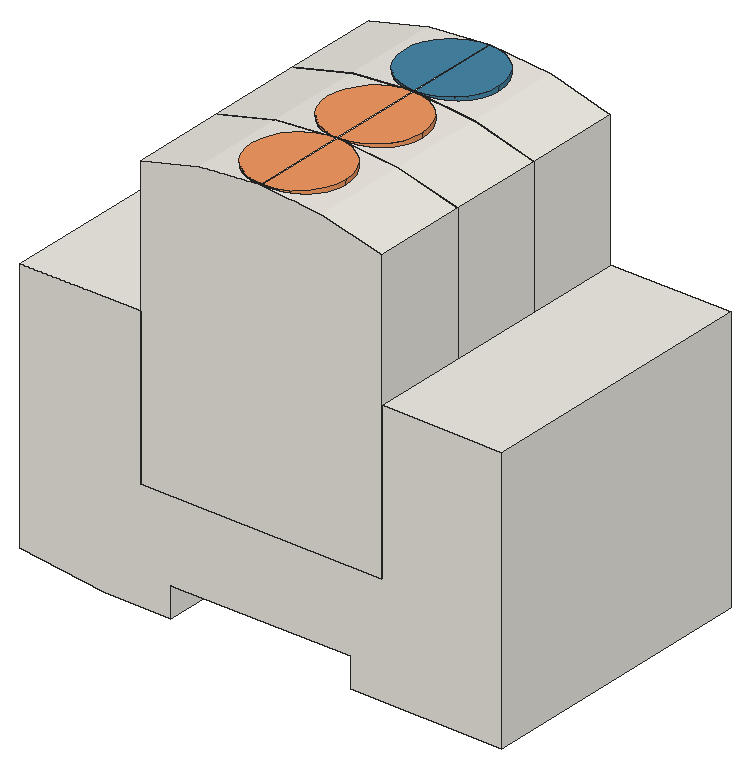
Revit family "Kombiableiter V50, 2-polig+NPE", category Generic Models, Revit 2015
Parameters (values of type "V50-2+NPE-280")
  Width = 90 mm
  URL = "http://www.obo-bettermann.com"
  Material 3 = PA 66/6 FR HF RAL 5017
  Material 2 = PA 66/6 FR HF RAL 2003
  Material = PA 66/6 FR HF RAL 9010
  Manufacturer Art.No. = "5093524"
  Manufacturer = "OBO Bettermann"
  Length = 53.4 mm
  Height = 78.5 mm
  GTIN = "4012196159680"
  Article Type = "V50-2+NPE-280"
Reference planes
  plane 1 "Center (Front/Back)": y = 0
  plane 2: z = 0
  plane 3 "Center (Left/Right)": x = 0
  plane 4: y = 17.8
  plane 5: z = 78.5
  plane 6: z = 78.5
  plane 7: z = 77.5
  plane 8: y = 35.6
  plane 9: y = 53.4
Forms (mm)
  Extrusion 1, solid, material "PA 66/6 FR HF RAL 9010" <- "Material"
    sketch origin (0, 0, 0) x (1, 0, 0) y (0, 0, 1)
      loop
        line (-29.35, 0) -> (-16.75, 0) -> (-16.75, 5.5) -> (16.75, 5.5) -> (16.75, 0) -> (45, 0) -> (45, 49.5) -> (22.5, 49.5) -> (22.5, 20.5) -> (-22.5, 20.5) -> (-22.5, 49.5) -> (-45, 49.5) -> (-45, 1.922) -> (-29.35, 0)
    from -53.4 to 0
  Extrusion 2, solid, material "PA 66/6 FR HF RAL 9010" <- "Material"
    sketch origin (0, 0, 0) x (1, 0, 0) y (0, 0, 1)
      loop
        line (-22.5, 20.5) -> (22.5, 20.5) -> (22.5, 74.639)
        arc (22.5, 74.639) -> (0, 78.5) -> (-22.5, 74.639) r 67.488
        line (-22.5, 74.639) -> (-22.5, 20.5)
    from -17.8 to 0
  Extrusion 3, solid, material "PA 66/6 FR HF RAL 2003" <- "Material 2"
    sketch origin (0, 0, 0) x (1, 0, 0) y (0, 1, 0)
      loop
        circle (0, 8.9) r 8.75
    from 77.5 to 78.5
  Extrusion 4, solid, material "PA 66/6 FR HF RAL 9010" <- "Material"
    sketch origin (0, 0, 0) x (1, 0, 0) y (0, 0, 1)
      loop
        line (-22.5, 74.639) -> (-22.5, 20.5) -> (22.5, 20.5) -> (22.5, 74.639)
        arc (22.5, 74.639) -> (0, 78.5) -> (-22.5, 74.639) r 67.488
    from -35.6 to -17.8
  Extrusion 5, solid, material "PA 66/6 FR HF RAL 2003" <- "Material 2"
    sketch origin (0, 0, 0) x (1, 0, 0) y (0, 1, 0)
      loop
        circle (0, 26.7) r 8.8
    from 77.5 to 78.5
  Extrusion 6, solid, material "PA 66/6 FR HF RAL 9010" <- "Material"
    sketch origin (0, 0, 0) x (1, 0, 0) y (0, 0, 1)
      loop
        line (-22.5, 74.639) -> (-22.5, 20.5) -> (22.5, 20.5) -> (22.5, 74.639)
        arc (22.5, 74.639) -> (0, 78.5) -> (-22.5, 74.639) r 67.488
    from -53.4 to -35.6
  Extrusion 7, solid, material "PA 66/6 FR HF RAL 5017" <- "Material 3"
    sketch origin (0, 0, 0) x (1, 0, 0) y (0, 1, 0)
      loop
        circle (0, 44.5) r 8.8
    from 77.5 to 78.5
Dimensions and locks
  locked: Extrusion 1 sketch curve to Extrusion 1 sketch curve at 33.5
  locked: plane 3 "Center (Left/Right)" to Extrusion 1 sketch curve at 16.75
  locked: Extrusion 1 sketch curve to level at 5.5
  "Width": Extrusion 1 sketch curve to Extrusion 1 sketch curve
  equal spacing: Extrusion 1 sketch curve, plane 3 "Center (Left/Right)", Extrusion 1 sketch curve, locked at 45 each
  locked: Extrusion 1 sketch curve to Extrusion 1 sketch curve at 44
  locked: Extrusion 1 sketch curve to Extrusion 1 sketch curve at 45
  equal spacing: Extrusion 1 sketch curve, plane 3 "Center (Left/Right)", Extrusion 1 sketch curve, locked at 22.5 each
  locked: Extrusion 1 sketch curve to Extrusion 1 sketch curve at 29
  locked: Extrusion 1 sketch curve to Extrusion 1 sketch curve at 15.65
  locked: Extrusion 1 sketch curve to level at 1.922
  "Height": plane 5 to level
  locked: Extrusion 2 sketch curve to Extrusion 1 at 54.139
  locked: Extrusion 2 to Extrusion 3 sketch curve at 8.9
  "Height": plane 6 to level
  locked: plane 6 to plane 7 at 1
  locked: plane 4 to plane 1 "Center (Front/Back)" at 17.8
  Extrusion 4 to Extrusion 5 sketch curve = 8.9 mm
  locked: plane 8 to plane 4 at 17.8
  "Length": plane 9 to plane 1 "Center (Front/Back)"
  locked: Extrusion 6 to Extrusion 7 sketch curve at 8.9
  radius of Extrusion 2 sketch curve = 67.488 mm
  radius of Extrusion 3 sketch curve = 8.75 mm
  radius of Extrusion 5 sketch curve = 8.8 mm
  radius of Extrusion 7 sketch curve = 8.8 mm
  aligned and locked: level to plane 2
  aligned and locked: Extrusion 1 sketch curve to level  (x2)
  aligned and locked: Extrusion 1 sketch curve to Extrusion 1 sketch curve
  aligned and locked: plane 1 "Center (Front/Back)" to Extrusion 1
  aligned and locked: Extrusion 2 sketch curve to Extrusion 1  (x3)
  aligned and locked: Extrusion 2 sketch curve to Extrusion 2 sketch curve
  aligned and locked: plane 1 "Center (Front/Back)" to Extrusion 2
  aligned and locked: plane 6 to Extrusion 3
  aligned and locked: Extrusion 3 to plane 7
  aligned and locked: Extrusion 4 sketch curve to Extrusion 2  (x4)
  aligned and locked: Extrusion 4 to plane 4
  aligned and locked: Extrusion 5 to Extrusion 3  (x2)
  aligned and locked: plane 9 to Extrusion 1
  aligned and locked: Extrusion 6 sketch curve to Extrusion 2  (x4)
  aligned and locked: Extrusion 1 to Extrusion 6
  aligned and locked: Extrusion 6 to plane 8
  aligned and locked: Extrusion 7 to Extrusion 3  (x2)
Automatic sketch dimensions
  Extrusion 3 sketch curve to plane 3 "Center (Left/Right)" = 0 mm
  Extrusion 5 sketch curve to plane 3 "Center (Left/Right)" = 0 mm
  Extrusion 7 sketch curve to plane 3 "Center (Left/Right)" = 0 mm
